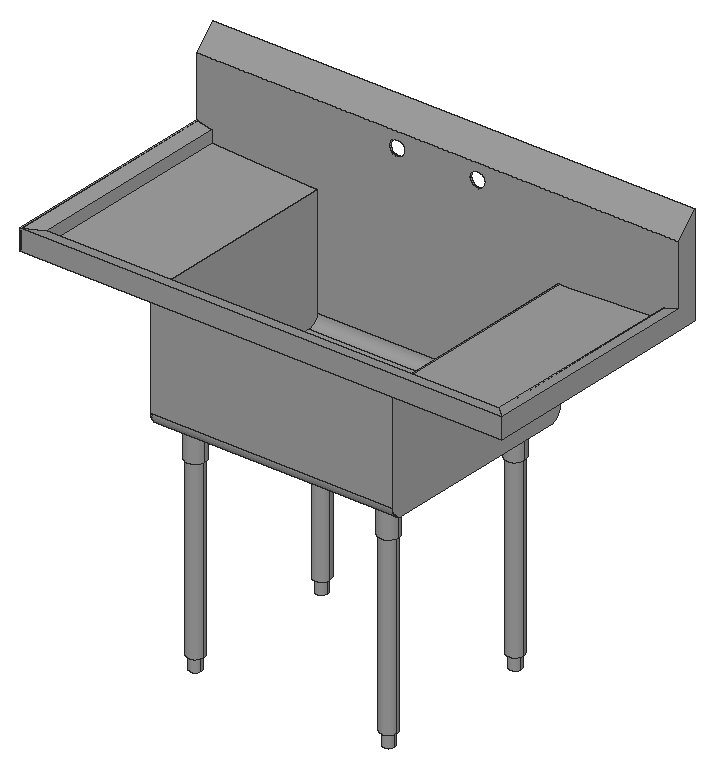
Revit family "equip-sink-elkay-weldbilt-S-DB-B", category Plumbing Fixtures, Revit 2019
Family settings
  Round Connector Dimension = Use Diameter
  Part Type = Normal
  Work Plane-Based = No
  Always vertical = Yes
  Cut with Voids When Loaded = No
  Shared = No
  Room Calculation Point = No
Parameters (values of type "ByType")
  Width = 2' - 0"
  URL = "http://www.elkayusa.com/cps/rde/xchg/elkay/hs.xsl/Default.aspx"
  Specification URL = "http://www.elkayusa.com/cps/rde/xbcr/elkay/04-05H_WELDBILT_SINGLE_SCULLERY.pdf"
  Model Number = ""
  Model = "Weldbilt"
  Manufacturer = "Elkay Manufacturer"
  Length = 4' - 0"
  Installation URL = "http://www.elkayusa.com/cps/rde/xbcr/elkay/74180084.pdf"
  Hidden Width = if(Compartment Width > 0' 11", Width, (Backsplash Width + Sink Rim Front Width + Compartment Width))  # 2' - 0"
  Sink Rim Side Right Width = 0' - 1 1/2"  # constant formula
  Sink Material = Metal - Steel - Stainless - Chrome
  Hidden Drainboard Right = if(Drainboard Right > 0' 2", Drainboard Right, 0' 2")  # 1' - 0"
  Hidden Drainboard Left = if(Drainboard Left > 0' 2", Drainboard Left, 0' 2")  # 1' - 0"
  Hidden Compartment Width = Width - Sink Rim Front Width - Backsplash Width  # 1' - 8 1/2"
  Hidden Compartment Length = Length - Drainboard Left - Drainboard Right  # 2' - 0"
  Drainboard Left = 1' - 0"
  Sink Rim Side Left Width = 0' - 1 1/2"  # constant formula
  Description = "Weldbilt Single Compartment Scullery Sink, Drainboard both sides"
  Compartment Length = if(Hidden Compartment Length > 0' 8 1/2", Hidden Compartment Length, 0' 8 1/2")  # 2' - 0"
  Hidden Length = if(Compartment Length > 0' 8 1/2", Length, (Drainboard Right + Drainboard Left + Compartment Length))  # 4' - 0"
  Drainboard Right = 1' - 0"
  Sink Rim Front Width = 0' - 1 1/2"  # constant formula
  Backsplash Width = 0' - 2"  # constant formula
  Sink Drain Location = Compartment Width / 2  # 0' - 10 1/4"
  Compartment Depth = 1' - 2"
  Compartment Width = if(Hidden Compartment Width > 0' 11", Hidden Compartment Width, 0' 11")  # 1' - 8 1/2"
  Rim Height = 3' - 0"
  Hole 1 to 2 = 0' - 8"
  Hole 1 From CL = 0' - 4"
  Faucet CL from Top Backsplash = 0' - 3 1/2"
  Backsplash Height = 0' - 8"
Reference planes (in)
  plane 1 "CL Sink Hole": y = 0
  plane 2 "Bottom": z = 0
  plane 3 "Compartment Center": x = 0
  plane 4 "Basin Edge Left": x = -12
  plane 5 "Basin Edge Right": x = 12
  plane 6 "Basin Edge Back": y = 10.25
  plane 7 "Basin Edge Front": y = -10.25
  plane 8 "Left": x = -24
  plane 9 "Right": x = 24
  plane 10 "Back": y = 12.25
  plane 11 "Front": y = -11.75
  plane 12 "Sink Bowl Bottom (Top Face)": z = 22
  plane 13 "Sink Bowl Bottom (Bottom Face)": z = 21.875
  plane 14 "Sink Bottom Piece Back Edge": y = 9.25
  plane 15 "Sink Bottom Piece Front Edge": y = -9.25
  plane 16 "Center (Front/Back)": y = 0
  plane 17 "Sink Rim Top": z = 36
  plane 18 "Sink Bowl Bottom Radius Top Tangent": z = 23
  plane 19 "Sink Rim Inside Lower Edge": z = 35.59808
  plane 20: z = 44
  plane 21 "Backsplash Angle": z = 42
  plane 22 "Backsplash Side Piece Front": y = 10.375
  plane 23 "Backsplash Side Piece Top": z = 43.82322
  plane 24 "Backsplash Side Piece Angle": z = 41.94822
  plane 25 "Backsplash Side Piece Bottom": z = 34
  plane 26 "Backsplash Side Right Piece Inside Edge": x = 23.875
  plane 27 "Backsplash Side Left Piece Inside Edge": x = -23.875
  plane 28 "Basin Edge Right Outside Face": x = 12.0625
  plane 29 "Basin Edge Left Outside Face": x = -12.0625
  plane 30 "Faucet Hole CL Elev": z = 40.5
  plane 31 "CL Faucet Hole Left": x = -4
  plane 32 "CL Faucet Hole Right": x = 4
  plane 33 "Leg Left CL": x = -9.625
  plane 34 "Leg Front CL": y = -7.875
  plane 35: z = 18.825
  plane 36: z = 1.3125
  plane 37 "Leg Right CL": x = 9.625
  plane 38 "Leg Back CL": y = 7.875
  plane 39 "Sink Rim Inside Edge Right": x = 22.5
  plane 40 "Drainboard Lower Top Face": z = 34
  plane 41 "Drainboard Upper Top Face": z = 34.5
  plane 42: x = -22.5
  plane 43 "Center (Left/Right)": x = 0
  plane 44 "Basin Front Edge Outside": y = -10.375
  plane 45 "Basin Edge Back Outside Edge": y = 10.375
Forms (in)
  Sweep 1, solid, material "Metal - Steel - Stainless - Chrome" <- "Sink Material"
    path origin (0, 0, 36) x (0, -1, 0) y (1, 0, 0)
      loop
        line (11.75, 12) -> (11.75, -12)
    profile "profile-weldbilt-rim : profile-weldbilt-rim" origin (0, -11.75, 36) x (0, -1, 0) y (0, 0, 1)
      loop
        line (-1.5, -0.40192) -> (-1.41389, -0.45164) -> (-0.07031, -0.09163) -> (-0.07031, -1.94605) -> (-0.42259, -2.04044) -> (-0.42259, -2.11323) -> (0, -2) -> (0, 0) -> (-1.5, -0.40192)
  Extrusion 2, solid, material "Metal - Steel - Stainless - Chrome" <- "Sink Material"
    sketch origin (0, 0, 0) x (0, 1, 0) y (0, 0, 1)
      loop
        line (-10.375, 35.59808) -> (-10.375, 23)
        arc (-10.375, 23) -> (-10.0455, 22.2045) -> (-9.25, 21.875) r 1.125
        line (-9.25, 21.875) -> (9.25, 21.875)
        arc (9.25, 21.875) -> (10.0455, 22.2045) -> (10.375, 23) r 1.125
        line (10.375, 23) -> (10.375, 34) -> (10.25, 34) -> (10.25, 23)
        arc (10.25, 23) -> (9.95711, 22.29289) -> (9.25, 22) r 1
        line (9.25, 22) -> (-9.25, 22)
        arc (-9.25, 22) -> (-9.95711, 22.29289) -> (-10.25, 23) r 1
        line (-10.25, 23) -> (-10.25, 35.59808) -> (-10.375, 35.59808)
    from -12 to 12
  Extrusion 3, solid, material "Metal - Steel - Stainless - Chrome" <- "Sink Material"
    sketch origin (0, 0, 0) x (0, 1, 0) y (0, 0, 1)
      loop
        line (10.25, 42) -> (10.25, 34) -> (10.375, 34) -> (10.375, 41.94822) -> (12.25, 43.82322) -> (12.25, 44) -> (10.25, 42)
    from -24 to 24
  Extrusion 4, solid, material "Metal - Steel - Stainless - Chrome" <- "Sink Material"
    sketch origin (24, 0, 0) x (0, 1, 0) y (0, 0, 1)
      loop
        line (12.25, 43.82322) -> (10.375, 41.94822) -> (10.375, 34) -> (12.25, 34) -> (12.25, 43.82322)
    from -0.125 to 0
  Extrusion 5, solid, material "Metal - Steel - Stainless - Chrome" <- "Sink Material"
    sketch origin (-18, 0, 0) x (0, 1, 0) y (0, 0, 1)
      loop
        line (12.25, 43.82322) -> (10.375, 41.94822) -> (10.375, 34) -> (12.25, 34) -> (12.25, 43.82322)
    from -6 to -5.875
  Extrusion 6, solid, material "Metal - Steel - Stainless - Chrome" <- "Sink Material"
    sketch origin (12, 0, 0) x (0, 1, 0) y (0, 0, 1)
      loop
        line (-10.375, 34) -> (-10.375, 23)
        arc (-10.375, 23) -> (-10.0455, 22.2045) -> (-9.25, 21.875) r 1.125
        line (-9.25, 21.875) -> (9.25, 21.875)
        arc (9.25, 21.875) -> (10.0455, 22.2045) -> (10.375, 23) r 1.125
        line (10.375, 23) -> (10.375, 34) -> (-10.375, 34)
    from 0 to 0.0625
  Extrusion 7, solid, material "Metal - Steel - Stainless - Chrome" <- "Sink Material"
    sketch origin (-12, 0, 0) x (0, 1, 0) y (0, 0, 1)
      loop
        line (10.375, 34) -> (-10.375, 34) -> (-10.375, 23)
        arc (-10.375, 23) -> (-10.0455, 22.2045) -> (-9.25, 21.875) r 1.125
        line (-9.25, 21.875) -> (9.25, 21.875)
        arc (9.25, 21.875) -> (10.0455, 22.2045) -> (10.375, 23) r 1.125
        line (10.375, 23) -> (10.375, 34)
    from -0.0625 to 0
  Extrusion 8, void
    sketch origin (0, 0, 0) x (1, 0, 0) y (0, 0, 1)
      loop
        circle (-4, 40.5) r 0.75
    from -10.375 to -10.25
  Extrusion 9, void
    sketch origin (0, 0, 0) x (1, 0, 0) y (0, 0, 1)
      loop
        circle (4, 40.5) r 0.75
    from -10.375 to -10.25
  Extrusion 10, void
    sketch origin (-45.27944, 78.60934, 0) x (1, 0, 0) y (0, 1, 0)
      loop
        circle (45.27944, -78.60934) r 2.375
    from 21.875 to 22
  Revolve 11, solid, material "Metal - Steel - Stainless - Chrome" <- "Sink Material"
    sketch origin (0, -7.875, 0) x (-1, 0, 0) y (0, 0, 1)
      loop
        line (10.4375, 18.825) -> (10.595, 18.825) -> (10.595, 21.875) -> (9.625, 21.875) -> (9.625, 0) -> (10.1875, 0) -> (10.1875, 1.3125) -> (10.4375, 1.3125) -> (10.4375, 18.825)
      axis (9.625, 21.875) -> (9.625, 0)
    angle from 0 to 360
  Revolve 12, solid, material "Metal - Steel - Stainless - Chrome" <- "Sink Material"
    sketch origin (0, -7.875, 0) x (-1, 0, 0) y (0, 0, 1)
      loop
        line (-10.4375, 18.825) -> (-10.4375, 1.3125) -> (-10.1875, 1.3125) -> (-10.1875, 0) -> (-9.625, 0) -> (-9.625, 21.875) -> (-10.595, 21.875) -> (-10.595, 18.825) -> (-10.4375, 18.825)
      axis (-9.625, 21.875) -> (-9.625, 0)
    angle from 0 to 360
  Revolve 13, solid, material "Metal - Steel - Stainless - Chrome" <- "Sink Material"
    sketch origin (0, 7.875, 0) x (-1, 0, 0) y (0, 0, 1)
      loop
        line (-10.4375, 18.825) -> (-10.4375, 1.3125) -> (-10.1875, 1.3125) -> (-10.1875, 0) -> (-9.625, 0) -> (-9.625, 21.875) -> (-10.595, 21.875) -> (-10.595, 18.825) -> (-10.4375, 18.825)
      axis (-9.625, 21.875) -> (-9.625, 0)
    angle from 0 to 360
  Revolve 14, solid, material "Metal - Steel - Stainless - Chrome" <- "Sink Material"
    sketch origin (0, 7.875, 0) x (-1, 0, 0) y (0, 0, 1)
      loop
        line (8.8125, 18.825) -> (8.8125, 1.3125) -> (9.0625, 1.3125) -> (9.0625, 0) -> (9.625, 0) -> (9.625, 21.875) -> (8.655, 21.875) -> (8.655, 18.825) -> (8.8125, 18.825)
      axis (9.625, 21.875) -> (9.625, 0)
    angle from 0 to 360
  Sweep 15, solid, material "Metal - Steel - Stainless - Chrome" <- "Sink Material"
    path origin (0, 0, 22) x (-1, 0, 0) y (0, -1, 0)
      loop
        circle (0, 0) r 2.375
    profile "profile-elkay-sink-hole-1 : profile-elkay-sink-hole-1" origin (0, -2.375, 22) x (0, 1, 0) y (0, 0, 1)
      loop
        arc (0.10775, -0.05529) -> (0.06053, -0.01467) -> (0, 0) r 0.133
        line (0, 0) -> (0, -0.07422)
        arc (0, -0.07422) -> (0.0267, -0.08072) -> (0.04752, -0.09865) r 0.05878
        line (0.04752, -0.09865) -> (0.12152, -0.20143) -> (0.5715, -0.40832) -> (0.5715, -0.32577) -> (0.16939, -0.14089) -> (0.10775, -0.05529)
  Extrusion 16, solid, material "Metal - Steel - Stainless - Chrome" <- "Sink Material"
    sketch origin (0, 0, 0) x (1, 0, 0) y (0, 0, 1)
      loop
        line (12, 34) -> (12, 33.9257) -> (22.5, 34.4257) -> (22.5, 34.5) -> (12, 34)
    from -10.25 to 10.25
  Sweep 17, solid, material "Metal - Steel - Stainless - Chrome" <- "Sink Material"
    path origin (0, 0, 36) x (0, -1, 0) y (1, 0, 0)
      loop
        line (11.75, 12) -> (11.75, 24) -> (-10.25, 24)
    profile "profile-weldbilt-rim-db : profile-weldbilt-rim-db" origin (18, -11.75, 36) x (0, 1, 0) y (0, 0, 1)
      loop
        line (1.5, -0.40192) -> (0, 0) -> (0, -2) -> (0.42259, -2.11323) -> (0.42259, -2.04044) -> (0.07031, -1.94605) -> (0.07031, -0.09163) -> (1.4375, -0.45797) -> (1.4375, -2) -> (1.5, -2) -> (1.5, -0.40192)
  Extrusion 18, solid, material "Metal - Steel - Stainless - Chrome" <- "Sink Material"
    sketch origin (0, 0, 0) x (1, 0, 0) y (0, 0, 1)
      loop
        line (-22.5, 34.5) -> (-22.5, 34.4257) -> (-12, 33.9257) -> (-12, 34) -> (-22.5, 34.5)
    from -10.25 to 10.25
  Sweep 19, solid, material "Metal - Steel - Stainless - Chrome" <- "Sink Material"
    path origin (0, 0, 36) x (0, -1, 0) y (1, 0, 0)
      loop
        line (-10.25, -24) -> (11.75, -24) -> (11.75, -12)
    profile "profile-weldbilt-rim-db : profile-weldbilt-rim-db" origin (-24, -0.75, 36) x (1, 0, 0) y (0, 0, 1)
      loop
        line (1.5, -0.40192) -> (0, 0) -> (0, -2) -> (0.42259, -2.11323) -> (0.42259, -2.04044) -> (0.07031, -1.94605) -> (0.07031, -0.09163) -> (1.4375, -0.45797) -> (1.4375, -2) -> (1.5, -2) -> (1.5, -0.40192)
Cuts and joins
  Extrusion 10 cuts Extrusion 2
  Extrusion 8, Extrusion 9 cuts Extrusion 3
  Extrusion 10 cuts Extrusion 6
  joined: Sweep 1, Extrusion 2, Extrusion 3, Extrusion 4, Extrusion 5, Extrusion 6, Extrusion 7, Sweep 15, Sweep 17, Sweep 19
Lines and regions (in)
  Masking region 1
    outline origin (0, 0, 0) x (1, 0, 0) y (0, 1, 0)
      loop
        line (-24, 12.25) -> (-24, -11.75) -> (24, -11.75) -> (24, 12.25) -> (-24, 12.25)
  reference lines
    curve 1: arc (0, -9.25, 22) -> (0, -9.95711, 22.29289) -> (0, -10.25, 23) r 1
    curve 2: arc (0, 10.25, 23) -> (0, 9.95711, 22.29289) -> (0, 9.25, 22) r 1
    curve 3: line (-9.625, -7.875, 21.875) -> (-9.625, -7.875, 0)
    curve 4: line (9.625, -7.875, 22) -> (9.625, -7.875, 0)
    curve 5: line (9.625, 7.875, 21.875) -> (9.625, 7.875, 0)
    curve 6: line (-9.625, 7.875, 21.875) -> (-9.625, 7.875, 0)
    curve 15: line (12, 0, 34) -> (22.5, 0, 34.5)
    curve 16: line (12.00165, 0, 33.92578) -> (22.50165, 0, 34.42578)
    curve 17: line (-12, 0, 34) -> (-22.5, 0, 34.5)
    curve 18: line (-12.00165, 0, 33.92578) -> (-22.50165, 0, 34.42578)
    curve 21: arc (0, 10.375, 23) -> (0, 10.0455, 22.2045) -> (0, 9.25, 21.875) r 1.125
    curve 22: arc (0, -10.375, 23) -> (0, -10.0455, 22.2045) -> (0, -9.25, 21.875) r 1.125
  symbolic lines
    curve 7: line (-24, 10.25, 0) -> (24, 10.25, 0)
    curve 8: line (-12, -10.25, 0) -> (-12, 10.25, 0)
    curve 9: line (22.5, -10.25, 0) -> (-22.5, -10.25, 0)
    curve 10: line (12, 10.25, 0) -> (12, -10.25, 0)
    curve 11: circle (0, 0, 0) r 2.375 normal (0, 0, 1)
    curve 12: line (-22.5, -10.25, 0) -> (-24, -11.75, 0)
    curve 13: line (24, -11.75, 0) -> (22.5, -10.25, 0)
    curve 14: circle (0, 0, 0) r 1.75 normal (0, 0, 1)
    curve 19: line (-22.5, 10.25, 0) -> (-22.5, -10.25, 0)
    curve 20: line (22.5, 10.25, 0) -> (22.5, -10.25, 0)
Dimensions and locks (in)
  equal spacing: plane 4 "Basin Edge Left", plane 3 "Compartment Center", plane 5 "Basin Edge Right"
  "Hidden Drainboard Left": plane 8 "Left" to plane 4 "Basin Edge Left"
  "Hidden Drainboard Right": plane 5 "Basin Edge Right" to plane 9 "Right"
  "Hidden Length": plane 8 "Left" to plane 9 "Right"
  "Sink Drain Location": plane 6 "Basin Edge Back" to plane 1 "CL Sink Hole"
  "Backsplash Width": plane 10 "Back" to plane 6 "Basin Edge Back"
  "Sink Rim Front Width": plane 7 "Basin Edge Front" to plane 11 "Front"
  "Hidden Width": plane 10 "Back" to plane 11 "Front"
  locked: plane 15 "Sink Bottom Piece Front Edge" to plane 7 "Basin Edge Front" at 1
  locked: plane 6 "Basin Edge Back" to plane 14 "Sink Bottom Piece Back Edge" at 1
  plane 6 "Basin Edge Back" to plane 7 "Basin Edge Front" = 1' - 8 1/2"
  equal spacing: plane 6 "Basin Edge Back", plane 16 "Center (Front/Back)", plane 7 "Basin Edge Front"
  "Compartment Depth": plane 17 "Sink Rim Top" to plane 12 "Sink Bowl Bottom (Top Face)"
  "Rim Height": plane 17 "Sink Rim Top" to plane 2 "Bottom"
  locked: plane 18 "Sink Bowl Bottom Radius Top Tangent" to plane 12 "Sink Bowl Bottom (Top Face)" at 1
  locked: plane 17 "Sink Rim Top" to plane 19 "Sink Rim Inside Lower Edge" at 0.40192
  "Backsplash Height": plane 20 to plane 17 "Sink Rim Top"
  locked: plane 20 to plane 21 "Backsplash Angle" at 2
  locked: plane 20 to plane 23 "Backsplash Side Piece Top" at 0.17678
  locked: plane 6 "Basin Edge Back" to plane 22 "Backsplash Side Piece Front" at 0.125
  locked: plane 21 "Backsplash Angle" to plane 24 "Backsplash Side Piece Angle" at 0.05178
  locked: plane 26 "Backsplash Side Right Piece Inside Edge" to plane 9 "Right" at 0.125
  locked: plane 8 "Left" to plane 27 "Backsplash Side Left Piece Inside Edge" at 0.125
  locked: plane 5 "Basin Edge Right" to plane 28 "Basin Edge Right Outside Face" at 0.0625
  plane 29 "Basin Edge Left Outside Face" to plane 4 "Basin Edge Left" = 0' - 0 1/16"
  locked: plane 17 "Sink Rim Top" to plane 25 "Backsplash Side Piece Bottom" at 2
  locked: plane 34 "Leg Front CL" to plane 7 "Basin Edge Front" at 2.375
  locked: plane 4 "Basin Edge Left" to plane 33 "Leg Left CL" at 2.375
  "Hole 1 From CL": plane 31 "CL Faucet Hole Left" to plane 3 "Compartment Center"
  "Hole 1 to 2": plane 31 "CL Faucet Hole Left" to plane 32 "CL Faucet Hole Right"
  locked: plane 12 "Sink Bowl Bottom (Top Face)" to plane 13 "Sink Bowl Bottom (Bottom Face)" at 0.125
  locked: plane 12 "Sink Bowl Bottom (Top Face)" to plane 35 at 3.175
  locked: plane 36 to plane 2 "Bottom" at 1.3125
  "Faucet CL from Top Backsplash": plane 20 to plane 30 "Faucet Hole CL Elev"
  locked: plane 37 "Leg Right CL" to plane 5 "Basin Edge Right" at 2.375
  locked: plane 6 "Basin Edge Back" to plane 38 "Leg Back CL" at 2.375
  "Sink Rim Side Right Width": plane 39 "Sink Rim Inside Edge Right" to plane 9 "Right"
  locked: plane 17 "Sink Rim Top" to plane 41 "Drainboard Upper Top Face" at 1.5
  locked: plane 17 "Sink Rim Top" to plane 40 "Drainboard Lower Top Face" at 2
  "Sink Rim Side Left Width": plane 8 "Left" to plane 42
  equal spacing: plane 8 "Left", plane 43 "Center (Left/Right)", plane 9 "Right"
  locked: plane 44 "Basin Front Edge Outside" to plane 7 "Basin Edge Front" at 0.125
  locked: plane 6 "Basin Edge Back" to plane 45 "Basin Edge Back Outside Edge" at 0.125
  locked: nested 1 to plane 9 "Right" at 4
  locked: plane 10 "Back" to nested 1 at 1
  aligned and locked: Extrusion 2 sketch curve to plane 6 "Basin Edge Back"
  aligned and locked: Extrusion 2 sketch curve to curve 2
  aligned and locked: Extrusion 2 sketch curve to curve 1
  aligned and locked: plane 5 "Basin Edge Right" to Extrusion 2
  aligned and locked: Extrusion 2 to plane 4 "Basin Edge Left"
  aligned and locked: Extrusion 2 sketch curve to plane 19 "Sink Rim Inside Lower Edge"
  aligned and locked: Extrusion 3 sketch curve to plane 10 "Back"
  aligned and locked: Extrusion 3 sketch curve to plane 6 "Basin Edge Back"
  aligned and locked: plane 9 "Right" to Extrusion 3
  aligned and locked: Extrusion 3 to plane 8 "Left"
  aligned and locked: plane 10 "Back" to Extrusion 4 sketch curve
  aligned and locked: Extrusion 4 sketch curve to plane 25 "Backsplash Side Piece Bottom"
  aligned and locked: Extrusion 4 sketch curve to plane 22 "Backsplash Side Piece Front"
  aligned and locked: Extrusion 4 to plane 26 "Backsplash Side Right Piece Inside Edge"
  aligned and locked: plane 9 "Right" to Extrusion 4
  aligned and locked: Extrusion 5 sketch curve to plane 10 "Back"
  aligned and locked: plane 22 "Backsplash Side Piece Front" to Extrusion 5 sketch curve
  aligned and locked: plane 25 "Backsplash Side Piece Bottom" to Extrusion 5 sketch curve
  aligned and locked: plane 27 "Backsplash Side Left Piece Inside Edge" to Extrusion 5
  aligned and locked: Extrusion 5 to plane 8 "Left"
  aligned and locked: Extrusion 6 to plane 5 "Basin Edge Right"
  aligned and locked: plane 28 "Basin Edge Right Outside Face" to Extrusion 6
  aligned and locked: Extrusion 7 to plane 29 "Basin Edge Left Outside Face"
  aligned and locked: plane 4 "Basin Edge Left" to Extrusion 7
  aligned and locked: plane 22 "Backsplash Side Piece Front" to Extrusion 9
  aligned and locked: Extrusion 9 to plane 6 "Basin Edge Back"
  aligned and locked: plane 22 "Backsplash Side Piece Front" to Extrusion 8
  aligned: Extrusion 8 to plane 14 "Sink Bottom Piece Back Edge"
  aligned and locked: Extrusion 8 to plane 6 "Basin Edge Back"
  aligned and locked: plane 12 "Sink Bowl Bottom (Top Face)" to Extrusion 10
  aligned and locked: Extrusion 10 to plane 13 "Sink Bowl Bottom (Bottom Face)"
  aligned and locked: Revolve 11 sketch curve to plane 13 "Sink Bowl Bottom (Bottom Face)"
  aligned and locked: Revolve 11 sketch curve to curve 3
  aligned and locked: curve 4 to plane 37 "Leg Right CL"
  aligned and locked: plane 12 "Sink Bowl Bottom (Top Face)" to curve 4
  aligned and locked: plane 2 "Bottom" to curve 4
  aligned and locked: Revolve 12 sketch curve to plane 36
  aligned and locked: Revolve 12 sketch curve to plane 35
  aligned and locked: plane 2 "Bottom" to Revolve 12 sketch curve  (x3)
  aligned and locked: plane 13 "Sink Bowl Bottom (Bottom Face)" to Revolve 12 sketch curve  (x2)
  aligned and locked: curve 4 to Revolve 12 sketch curve  (x2)
  aligned and locked: Revolve 13 sketch curve to plane 2 "Bottom"
  aligned and locked: plane 36 to Revolve 13 sketch curve
  aligned and locked: plane 35 to Revolve 13 sketch curve
  aligned and locked: Revolve 13 sketch curve to plane 13 "Sink Bowl Bottom (Bottom Face)"
  aligned and locked: plane 37 "Leg Right CL" to Revolve 13 sketch curve
  aligned and locked: Revolve 13 sketch curve to curve 5
  aligned and locked: Revolve 14 sketch curve to plane 2 "Bottom"
  aligned and locked: plane 36 to Revolve 14 sketch curve
  aligned and locked: plane 35 to Revolve 14 sketch curve
  aligned and locked: Revolve 14 sketch curve to plane 13 "Sink Bowl Bottom (Bottom Face)"
  aligned and locked: plane 33 "Leg Left CL" to Revolve 14 sketch curve
  aligned and locked: plane 2 "Bottom" to Revolve 14 sketch curve
  aligned and locked: Revolve 14 sketch curve to plane 33 "Leg Left CL"
  aligned and locked: Masking region 1 sketch curve to plane 10 "Back"
  aligned and locked: plane 8 "Left" to Masking region 1 sketch curve
  aligned and locked: Masking region 1 sketch curve to plane 9 "Right"
  aligned and locked: plane 11 "Front" to Masking region 1 sketch curve
  aligned and locked: plane 7 "Basin Edge Front" to curve 9
  aligned and locked: plane 4 "Basin Edge Left" to curve 8
  aligned and locked: curve 7 to plane 6 "Basin Edge Back"
  aligned and locked: plane 8 "Left" to curve 7
  aligned and locked: plane 9 "Right" to curve 7
  aligned and locked: Extrusion 6 sketch curve to plane 40 "Drainboard Lower Top Face"
  aligned and locked: Extrusion 16 sketch curve to curve 15
  aligned and locked: plane 5 "Basin Edge Right" to Extrusion 16 sketch curve
  aligned and locked: Extrusion 16 sketch curve to plane 39 "Sink Rim Inside Edge Right"
  aligned and locked: Extrusion 16 sketch curve to curve 16
  aligned and locked: plane 6 "Basin Edge Back" to Extrusion 16
  aligned and locked: Extrusion 16 to plane 7 "Basin Edge Front"
  aligned and locked: Extrusion 2 sketch curve to plane 40 "Drainboard Lower Top Face"
  aligned and locked: Extrusion 3 sketch curve to plane 40 "Drainboard Lower Top Face"
  aligned and locked: plane 5 "Basin Edge Right" to Sweep 1 sketch curve
  aligned and locked: Sweep 17 sketch curve to plane 11 "Front"
  aligned and locked: plane 9 "Right" to Sweep 17 sketch curve
  aligned and locked: plane 5 "Basin Edge Right" to Sweep 17 sketch curve
  aligned and locked: plane 6 "Basin Edge Back" to Sweep 17 sketch curve
  aligned and locked: Extrusion 7 sketch curve to plane 40 "Drainboard Lower Top Face"
  aligned and locked: plane 42 to Extrusion 18 sketch curve
  aligned and locked: Extrusion 18 sketch curve to plane 4 "Basin Edge Left"
  aligned and locked: Extrusion 18 sketch curve to curve 17
  aligned and locked: Extrusion 18 sketch curve to curve 18
  aligned and locked: plane 6 "Basin Edge Back" to Extrusion 18
  aligned and locked: Extrusion 18 to plane 7 "Basin Edge Front"
  aligned and locked: plane 4 "Basin Edge Left" to Sweep 1 sketch curve
  aligned and locked: Sweep 19 sketch curve to plane 11 "Front"
  aligned and locked: Sweep 19 sketch curve to plane 8 "Left"
  aligned and locked: plane 6 "Basin Edge Back" to Sweep 19 sketch curve
  aligned and locked: plane 4 "Basin Edge Left" to Sweep 19 sketch curve
  aligned and locked: Extrusion 6 sketch curve to plane 45 "Basin Edge Back Outside Edge"
  aligned and locked: Extrusion 6 sketch curve to plane 44 "Basin Front Edge Outside"
  aligned and locked: Extrusion 6 sketch curve to curve 22
  aligned and locked: Extrusion 6 sketch curve to curve 21
  aligned and locked: Extrusion 7 sketch curve to curve 21
  aligned and locked: Extrusion 7 sketch curve to curve 22
Automatic sketch dimensions
  Extrusion 2 sketch curve to Extrusion 2 sketch curve = 0' - 0"  (x4)
  Extrusion 2 sketch curve to plane 22 "Backsplash Side Piece Front" = 0' - 0"
  Extrusion 3 sketch curve to plane 22 "Backsplash Side Piece Front" = 0' - 0"
  Extrusion 3 sketch curve to plane 24 "Backsplash Side Piece Angle" = 0' - 0"
  Extrusion 3 sketch curve to plane 21 "Backsplash Angle" = 0' - 0"
  Extrusion 3 sketch curve to plane 23 "Backsplash Side Piece Top" = 0' - 0"
  Extrusion 3 sketch curve to plane 20 = 0' - 0"
  Extrusion 4 sketch curve to plane 24 "Backsplash Side Piece Angle" = 0' - 0"
  Extrusion 4 sketch curve to plane 23 "Backsplash Side Piece Top" = 0' - 0"
  Extrusion 5 sketch curve to plane 24 "Backsplash Side Piece Angle" = 0' - 0"
  Extrusion 5 sketch curve to plane 23 "Backsplash Side Piece Top" = 0' - 0"
  Extrusion 8 sketch curve to plane 30 "Faucet Hole CL Elev" = 0' - 0"
  Extrusion 8 sketch curve to plane 31 "CL Faucet Hole Left" = 0' - 0"
  Extrusion 9 sketch curve to plane 30 "Faucet Hole CL Elev" = 0' - 0"
  Extrusion 9 sketch curve to plane 32 "CL Faucet Hole Right" = 0' - 0"
  Extrusion 10 sketch curve to plane 1 "CL Sink Hole" = 0' - 0"
  plane 3 "Compartment Center" to Extrusion 10 sketch curve = 0' - 0"
  curve 3 to level = 0' - 0"
  curve 3 to plane 33 "Leg Left CL" = 0' - 0"
  curve 3 to plane 13 "Sink Bowl Bottom (Bottom Face)" = 0' - 0"
  Revolve 11 sketch curve to plane 33 "Leg Left CL" = 0' - 0"
  Revolve 11 sketch curve to level = 0' - 0"  (x2)
  Revolve 11 sketch curve to plane 36 = 0' - 0"
  Revolve 11 sketch curve to plane 35 = 0' - 0"
  Revolve 11 sketch curve to plane 13 "Sink Bowl Bottom (Bottom Face)" = 0' - 0"
  Revolve 11 sketch curve to Revolve 11 sketch curve = 0' - 0 9/16"
  Revolve 11 sketch curve to Revolve 11 sketch curve = 0' - 0 1/4"
  Revolve 11 sketch curve to Revolve 11 sketch curve = 0' - 0.1575"
  plane 37 "Leg Right CL" to Revolve 12 sketch curve = 0' - 0 9/16"
  plane 37 "Leg Right CL" to Revolve 12 sketch curve = 0' - 0 13/16"
  Revolve 12 sketch curve to Revolve 12 sketch curve = 0' - 0.1575"
  curve 5 to level = 0' - 0"
  curve 5 to plane 37 "Leg Right CL" = 0' - 0"
  curve 5 to plane 13 "Sink Bowl Bottom (Bottom Face)" = 0' - 0"
  Revolve 13 sketch curve to level = 0' - 0"
  Revolve 13 sketch curve to plane 13 "Sink Bowl Bottom (Bottom Face)" = 0' - 0"
  plane 37 "Leg Right CL" to Revolve 13 sketch curve = 0' - 0 9/16"
  Revolve 13 sketch curve to Revolve 13 sketch curve = 0' - 0 1/4"
  Revolve 13 sketch curve to Revolve 13 sketch curve = 0' - 0.97"
  Revolve 14 sketch curve to plane 13 "Sink Bowl Bottom (Bottom Face)" = 0' - 0"
  plane 33 "Leg Left CL" to Revolve 14 sketch curve = 0' - 0 9/16"
  Revolve 14 sketch curve to Revolve 14 sketch curve = 0' - 0 1/4"
  Revolve 14 sketch curve to Revolve 14 sketch curve = 0' - 0.97"
  curve 6 to level = 0' - 0"
  curve 6 to plane 33 "Leg Left CL" = 0' - 0"
  curve 6 to plane 13 "Sink Bowl Bottom (Bottom Face)" = 0' - 0"
  plane 1 "CL Sink Hole" to Sweep 15 sketch curve = 0' - 0"
  Sweep 15 sketch curve to plane 3 "Compartment Center" = 0' - 0"
  curve 15 to plane 39 "Sink Rim Inside Edge Right" = 0' - 0"
  curve 15 to plane 5 "Basin Edge Right" = 0' - 0"
  curve 15 to plane 25 "Backsplash Side Piece Bottom" = 0' - 0"
  curve 15 to plane 41 "Drainboard Upper Top Face" = 0' - 0"
  plane 39 "Sink Rim Inside Edge Right" to curve 16 = 0' - 0.00165"
  plane 5 "Basin Edge Right" to curve 16 = 0' - 0.00165"
  Sweep 1 sketch curve to plane 11 "Front" = 0' - 0"
  curve 17 to plane 4 "Basin Edge Left" = 0' - 0"
  curve 17 to plane 41 "Drainboard Upper Top Face" = 0' - 0"
  curve 17 to plane 42 = 0' - 0"
  curve 17 to plane 25 "Backsplash Side Piece Bottom" = 0' - 0"
  curve 18 to plane 4 "Basin Edge Left" = 0' - 0.00165"
  curve 18 to plane 42 = 0' - 0.00165"
  curve 11 to curve 14 = 0' - 0"  (x2)
  curve 12 to plane 8 "Left" = 0' - 0"
  curve 19 to plane 42 = 0' - 0"
  plane 1 "CL Sink Hole" to curve 14 = 0' - 0"
  curve 14 to plane 3 "Compartment Center" = 0' - 0"
  curve 10 to plane 5 "Basin Edge Right" = 0' - 0"
  curve 13 to plane 39 "Sink Rim Inside Edge Right" = 0' - 0"
  curve 13 to plane 9 "Right" = 0' - 0"
  curve 13 to plane 11 "Front" = 0' - 0"
  curve 12 to plane 11 "Front" = 0' - 0"
  curve 1 to curve 22 = 0' - 0"  (x2)
  curve 2 to curve 21 = 0' - 0"  (x2)
  curve 22 to plane 18 "Sink Bowl Bottom Radius Top Tangent" = 0' - 0"
  curve 22 to plane 44 "Basin Front Edge Outside" = 0' - 0"
  curve 1 to plane 7 "Basin Edge Front" = 0' - 0"
  curve 1 to plane 12 "Sink Bowl Bottom (Top Face)" = 0' - 0"
  curve 21 to plane 14 "Sink Bottom Piece Back Edge" = 0' - 0"
  curve 2 to plane 6 "Basin Edge Back" = 0' - 0"
  curve 21 to plane 18 "Sink Bowl Bottom Radius Top Tangent" = 0' - 0"
  curve 21 to plane 22 "Backsplash Side Piece Front" = 0' - 0"
  curve 16 to plane 25 "Backsplash Side Piece Bottom" = 0' - 0 19/256"
  curve 18 to plane 25 "Backsplash Side Piece Bottom" = 0' - 0 19/256"
  curve 16 to plane 41 "Drainboard Upper Top Face" = 0' - 0 19/256"
  curve 18 to plane 41 "Drainboard Upper Top Face" = 0' - 0 19/256"
  radius of Extrusion 8 sketch curve = 0' - 0 3/4"
  radius of Extrusion 9 sketch curve = 0' - 0 3/4"
  radius of Extrusion 10 sketch curve = 0' - 2 3/8"
  radius of Sweep 15 sketch curve = 0' - 2 3/8"
  radius of curve 11 = 0' - 2 3/8"
  radius of curve 14 = 0' - 1 3/4"
Nested families (in)
  nested 1: "logo-elkay-detail" at (20, 11.25, 0), type "logo-elkay-detail"
Definition of nested family "logo-elkay-detail"
  Reference planes (in)
    plane 1 "Center (Front/Back)": y = 0
    plane 2: z = 0
    plane 3 "Center (Left/Right)": x = 0
  Lines and regions (in)
    detail lines, in view "Ref. Level"
      curve 1: line (-1.81545, 0.37736, 0) -> (-2.86608, 0.37736, 0)
      curve 2: line (-2.86608, 0.37736, 0) -> (-2.99916, -0.37736, 0)
      curve 3: line (-2.99916, -0.37736, 0) -> (-1.89769, -0.37736, 0)
      curve 4: line (-1.89769, -0.37736, 0) -> (-1.87836, -0.26772, 0)
      curve 5: line (-1.87836, -0.26772, 0) -> (-2.75664, -0.26772, 0)
      curve 6: line (-2.75664, -0.26772, 0) -> (-2.71915, -0.05507, 0)
      curve 7: line (-2.71915, -0.05507, 0) -> (-1.94254, -0.05507, 0)
      curve 8: line (-1.94254, -0.05507, 0) -> (-1.92312, 0.05507, 0)
      curve 9: line (-1.92312, 0.05507, 0) -> (-2.71407, 0.05507, 0)
      curve 10: line (-2.71407, 0.05507, 0) -> (-2.67657, 0.26772, 0)
      curve 11: line (-2.67657, 0.26772, 0) -> (-1.83479, 0.26772, 0)
      curve 12: line (-1.83479, 0.26772, 0) -> (-1.81545, 0.37736, 0)
      curve 13: line (-1.55864, -0.26772, 0) -> (-1.44489, 0.37736, 0)
      curve 14: line (-1.44489, 0.37736, 0) -> (-1.65384, 0.37736, 0)
      curve 15: line (-1.65384, 0.37736, 0) -> (-1.78692, -0.37736, 0)
      curve 16: line (-1.78692, -0.37736, 0) -> (-0.81843, -0.37736, 0)
      curve 17: line (-0.81843, -0.37736, 0) -> (-0.7991, -0.26772, 0)
      curve 18: line (-0.7991, -0.26772, 0) -> (-1.55864, -0.26772, 0)
      curve 19: line (-0.70839, -0.37736, 0) -> (-0.57531, 0.37736, 0)
      curve 20: line (-0.57531, 0.37736, 0) -> (-0.36636, 0.37736, 0)
      curve 21: line (-0.36636, 0.37736, 0) -> (-0.44053, -0.04327, 0)
      curve 22: line (-0.44053, -0.04327, 0) -> (0.30095, 0.37736, 0)
      curve 23: line (0.30095, 0.37736, 0) -> (0.59826, 0.37736, 0)
      curve 24: line (0.59826, 0.37736, 0) -> (0.025, 0.05216, 0)
      curve 25: line (0.025, 0.05216, 0) -> (0.49251, -0.37736, 0)
      curve 26: line (0.49251, -0.37736, 0) -> (0.1672, -0.37736, 0)
      curve 27: line (0.1672, -0.37736, 0) -> (-0.17613, -0.06193, 0)
      curve 28: line (-0.17613, -0.06193, 0) -> (-0.47357, -0.23067, 0)
      curve 29: line (-0.47357, -0.23067, 0) -> (-0.49944, -0.37736, 0)
      curve 30: line (-0.49944, -0.37736, 0) -> (-0.70839, -0.37736, 0)
      curve 31: line (1.55597, -0.12503, 0) -> (1.3377, 0.32386, 0)
      curve 32: line (1.3377, 0.32386, 0) -> (0.94493, -0.12503, 0)
      curve 33: line (0.94493, -0.12503, 0) -> (1.55597, -0.12503, 0)
      curve 34: line (1.55608, 0.37736, 0) -> (1.92307, -0.37736, 0)
      curve 35: line (1.92307, -0.37736, 0) -> (1.67867, -0.37736, 0)
      curve 36: line (1.67867, -0.37736, 0) -> (1.60734, -0.23067, 0)
      curve 37: line (1.60734, -0.23067, 0) -> (0.8525, -0.23067, 0)
      curve 38: line (0.8525, -0.23067, 0) -> (0.72414, -0.37736, 0)
      curve 39: line (0.72414, -0.37736, 0) -> (0.52921, -0.37736, 0)
      curve 40: line (0.52921, -0.37736, 0) -> (1.1896, 0.37736, 0)
      curve 41: line (1.1896, 0.37736, 0) -> (1.55608, 0.37736, 0)
      curve 42: line (1.98079, 0.37736, 0) -> (2.29994, 0.03841, 0)
      curve 43: line (2.29994, 0.03841, 0) -> (2.75395, 0.37736, 0)
      curve 44: line (2.75395, 0.37736, 0) -> (2.99916, 0.37736, 0)
      curve 45: line (2.99916, 0.37736, 0) -> (2.38123, -0.08397, 0)
      curve 46: line (2.38123, -0.08397, 0) -> (2.3295, -0.37736, 0)
      curve 47: line (2.3295, -0.37736, 0) -> (2.10632, -0.37736, 0)
      curve 48: line (2.10632, -0.37736, 0) -> (2.15092, -0.12442, 0)
      curve 49: line (2.15092, -0.12442, 0) -> (1.67845, 0.37736, 0)
      curve 50: line (1.67845, 0.37736, 0) -> (1.98079, 0.37736, 0)
